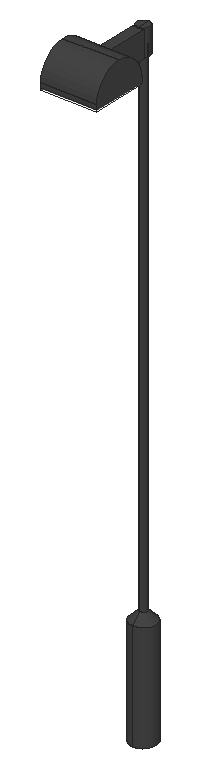
Revit family
Parameters
  Wattage = 9.2903 W
  built-in parameter 1150110 = 1 (stored number, unit not read)
  built-in parameter 1114217 = 1 (stored number, unit not read)
  built-in parameter 1150109 = 1 (stored number, unit not read)
  built-in parameter 1150134 = 3
  built-in parameter 1150113 = 1 (stored number, unit not read)
  Material Post = Metal - Black
  Material Lamp Glazing = Glass - White Frosted
  built-in parameter 1150105 = 109.82 (stored number, unit not read)
  Lumens = 1380 lm
  built-in parameter 1150115 = 1 (stored number, unit not read)
  Light Source Symbol Size = 609.6 mm
  built-in parameter 1150137 = (empty or 0)
  built-in parameter 1150139 = (empty or 0)
  built-in parameter 1150112 = 1 (stored number, unit not read)
  built-in parameter 1150114 = 1 (stored number, unit not read)
  Keynote = "V"
  built-in parameter 1150132 = 2
  built-in parameter 1150102 = (empty or 0)
  built-in parameter 1150107 = 3200 (stored number, unit not read)
  built-in parameter 1150138 = (empty or 0)
  built-in parameter 1150106 = 1.0982 (stored number, unit not read)
  Fixture Height = 3000 mm
  built-in parameter 1150104 = 13.8 (stored number, unit not read)
  Dimming Lamp Color Temperature Shift = (empty or 0)
  Color Filter = 16777215
  Base Height = 500 mm
  built-in parameter 1114218 = 1 (stored number, unit not read)
  built-in parameter 1150133 = 10 (stored number, unit not read)
Reference planes
  plane 1 "Light Source Axis (F/B)": y = 0
  plane 2: z = 0
  plane 3 "Light Source Axis (L/R)": x = 0
  plane 4 "Fixture Top": z = 3000
  plane 5 "Light Source Elevation": z = 2800
Forms (mm)
  Revolve 1, solid, material "Metal - Black" <- "Material Post"
    sketch origin (0, 0, 0) x (0, -1, 0) y (0, 0, 1)
      loop
        line (0, 0) -> (0, 2956.111) -> (-17.574, 2956.111) -> (-17.574, 542.426) -> (-60, 500) -> (-60, 0) -> (0, 0)
      axis (0, 0) -> (0, 2956.111)
    angle from 0 to 360
  Revolve 2, solid, material "Metal - Black" <- "Material Post"
    sketch origin (0, 0, 20) x (0, -1, 0) y (0, 0, 1)
      loop
        line (0, 2956.111) -> (0, 2836.111) -> (30, 2836.111) -> (30, 2956.111) -> (0, 2956.111)
      axis (0, 2836.111) -> (0, 2956.111)
    angle from 0 to 360
  Extrusion 3, solid, material "Metal - Black" <- "Material Post"
    sketch origin (130, 0, 0) x (0, -1, 0) y (0, 0, 1)
      loop
        line (432, 2855) -> (432, 2875)
        arc (432, 2875) -> (393.924, 2966.924) -> (302, 3005) r 130
        arc (302, 3005) -> (210.076, 2966.924) -> (172, 2875) r 130
        line (172, 2875) -> (172, 2855) -> (432, 2855)
    from 0 to 260
  Extrusion 4, solid, material "Glass - White Frosted" <- "Material Lamp Glazing"
    sketch origin (130, 0, 0) x (0, -1, 0) y (0, 0, 1)
      loop
        line (432, 2845) -> (432, 2855) -> (172, 2855) -> (172, 2845) -> (432, 2845)
    from 0 to 260
  Extrusion 5, solid, material "Metal - Black" <- "Material Post"
    sketch origin (25, 0, 0) x (0, 1, 0) y (0, 0, 1)
      loop
        arc (-220.29, 2976.111) -> (-184.692, 2931.025) -> (-172, 2875) r 130
        line (-172, 2875) -> (-172, 2856.111) -> (-30, 2856.111) -> (-30, 2976.111) -> (-220.29, 2976.111)
    from 0 to -50
Dimensions and locks
  "Base Height": Revolve 1 sketch curve to Revolve 1 sketch curve
  "Fixture Height": plane 4 "Fixture Top" to plane 2
  locked: plane 5 "Light Source Elevation" to plane 4 "Fixture Top" at 200
  aligned and locked: plane 3 "Light Source Axis (L/R)" to imposter light
  aligned and locked: plane 1 "Light Source Axis (F/B)" to imposter light
Automatic sketch dimensions
  Revolve 1 sketch curve to level = 0 mm
  Revolve 1 sketch curve to Revolve 1 sketch curve = 271.696 mm
  Revolve 1 sketch curve to Revolve 1 sketch curve = 42.426 mm
  plane 4 "Fixture Top" to Revolve 1 sketch curve = 43.889 mm
  Revolve 1 sketch curve to plane 4 "Fixture Top" = 1165.289 mm
  Revolve 1 sketch curve to Revolve 1 sketch curve = 17.574 mm
  plane 4 "Fixture Top" to Revolve 2 sketch curve = 143.889 mm
  plane 4 "Fixture Top" to Revolve 2 sketch curve = 23.889 mm
  Revolve 2 sketch curve to Revolve 2 sketch curve = 0 mm
  Revolve 2 sketch curve to plane 4 "Fixture Top" = 376.111 mm
  Revolve 1 sketch curve to plane 1 "Light Source Axis (F/B)" = 0 mm  (x2)
  Revolve 1 sketch curve to plane 1 "Light Source Axis (F/B)" = 60 mm
  Revolve 2 sketch curve to plane 1 "Light Source Axis (F/B)" = 0 mm  (x2)
  plane 1 "Light Source Axis (F/B)" to Revolve 2 sketch curve = 30 mm
  plane 4 "Fixture Top" to Extrusion 3 sketch curve = 125 mm
  plane 1 "Light Source Axis (F/B)" to Extrusion 3 sketch curve = 432 mm
  Extrusion 3 sketch curve to plane 4 "Fixture Top" = 5 mm
  Extrusion 3 sketch curve to Extrusion 3 sketch curve = 0 mm
  Extrusion 3 sketch curve to Extrusion 3 sketch curve = 20 mm
  plane 1 "Light Source Axis (F/B)" to Extrusion 4 sketch curve = 432 mm
  plane 1 "Light Source Axis (F/B)" to Extrusion 4 sketch curve = 172 mm
  plane 4 "Fixture Top" to Extrusion 4 sketch curve = 145 mm
  Extrusion 4 sketch curve to Extrusion 4 sketch curve = 10 mm
  plane 1 "Light Source Axis (F/B)" to Extrusion 5 sketch curve = 302 mm
  plane 4 "Fixture Top" to Extrusion 5 sketch curve = 23.889 mm
  Extrusion 5 sketch curve to Extrusion 5 sketch curve = 81.71 mm
  Extrusion 5 sketch curve to Extrusion 5 sketch curve = 48.29 mm
  plane 1 "Light Source Axis (F/B)" to Extrusion 5 sketch curve = 30 mm
  Extrusion 5 sketch curve to Extrusion 5 sketch curve = 120 mm
